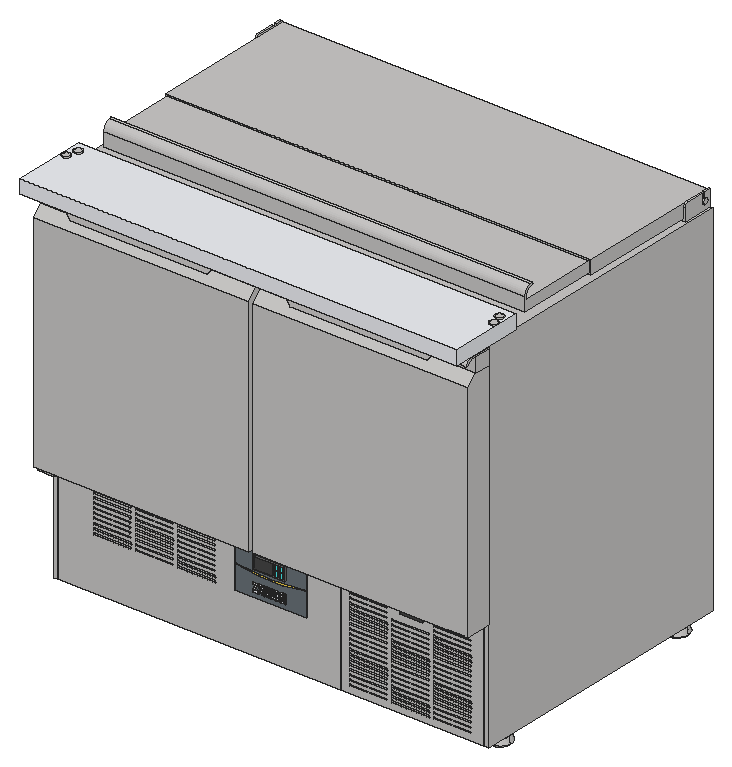
Revit family "QF_ZANUSSI_110891_ZSAL25L2C9", category Attrezzature speciali, Revit 2021
Family settings
  Quota connettore circolare = Usa diametro
  Tipo di parte = Normale
  Basato su piano di lavoro = No
  Sempre verticale = Sì
  Taglio con vuoti quando caricato = No
  Condiviso = No
  Punto di calcolo locali = No
Parameters (values of type "Standard")
  Weight = 64.00 kg
  Watts = 220 W
  Volts = 220 V
  URL Manufacturer = "http://www.zanussiprofessional.com"
  URL = "http://www.zanussiprofessional.com"
  Steam Supply Size = 0 mm
  Steam Supply Minimum Pressure = 0.0 Pa
  Steam Supply Maximum Pressure = 0.0 Pa
  Steam Consumption per Hour = 0
  Refrigeration Suction Line Size = 0 mm
  Refrigeration Liquid Line Size = 0 mm
  Refrigerant Compressor Remote = yes
  Prospetto di default = 0 mm
  Produttore = "Zanussi"
  Phase = 1
  Modello = "ZSAL25L2C9"
  Length Actual = 950 mm  # constant formula
  Item Number = "110891"
  Hot Water Size = 0 mm
  Height Actual = 863 mm  # constant formula
  HP = "0.3 HP"
  Gas Size = 0 mm
  Gas KW = 0
  Gas Input Pressure = 0 W
  Direct Waste Size = 0 mm
  Descrizione = "2-DOOR SALADETTE 250L+LID+CHOPPING BOARD R290"
  Depth Actual = 700 mm  # constant formula
  Cycle = 50 Hz
  Condensate Return Size = 0 mm
  Compressed Air Volume = 0.0 L/s
  Compressed Air Size = 0 mm
  Compressed Air Pressure = 0.0 Pa
  Cold Water Size = 0 mm
  Accessory = yes
Reference planes
  plane 1: z = 0
  plane 2 "Center (Left/Right)": x = -126.5
  plane 3 "Center (Front/Back)": y = 64.5
  plane 4 "BACK": y = 414.5
  plane 5 "FRONT": y = -285.5
  plane 6 "LEFT": x = -604
  plane 7 "RIGHT": x = 351
  plane 8 "FEET": z = 20
  plane 9 "TOP": z = 838
  plane 10 "PLAIN": z = 808
  plane 11 "EI_back": y = 414.5
  plane 12 "EI_left": x = 287.5
  plane 13 "BorderFront": y = -252.5
  plane 14 "DOOR": y = -197.5
  plane 15 "BorderLeft": x = -601.5
  plane 16 "BorderRight": x = 348.5
  plane 17: x = -576.5
  plane 18: x = 323.5
  plane 19: y = -701.5
  plane 20: z = 260
  plane 21 "FeetBack": y = 347.5
  plane 22 "FeetFront": y = -137.5
  plane 23 "FeetRight": x = 326.2
  plane 24 "FeetLeft": x = -579.2
  plane 25 "DrainX": x = -271.5
  plane 26 "DrainY": y = 91.5
  plane 27: z = 238
  plane 28: z = 1140
Forms (mm)
  Extrusion 1, solid, material "QF_Finishes_Stainless Steel"
    sketch origin (-1022.223, 359, -1763) x (-1, 0, 0) y (0, 0, -1)
      loop
        circle (-1309.723, -1883) r 5
    from -55.5 to -57.278
  Extrusion 2, solid, material "QF_Finishes_Stainless Steel"
    sketch origin (-1022.223, -1524, 20) x (-1, 0, 0) y (0, -1, 0)
      loop
        line (-420.723, -1938.5) -> (-420.723, -1326.5) -> (-1370.723, -1326.5) -> (-1370.723, -1938.5) -> (-420.723, -1938.5)
    from 0 to 788
  Extrusion 3, solid, material "QF_Finishes_White"
    sketch origin (0, 0, 808) x (-1, 0, 0) y (0, -1, 0)
      loop
        line (604, 125.5) -> (604, 285.5) -> (-351, 285.5) -> (-351, 125.5) -> (604, 125.5)
      loop
        circle (586.656, 148.884) r 8.77
      loop
        circle (593.656, 172.884) r 8.77
      loop
        circle (-333.656, 148.884) r 8.77
      loop
        circle (-340.656, 172.884) r 8.77
    from 0 to 30
  Extrusion 4, void
    sketch origin (0, 0, 0) x (1, 0, 0) y (0, 1, 0)
      loop
        line (-591.5, -197.5) -> (338.5, -197.5) -> (338.5, -195.5) -> (-591.5, -195.5) -> (-591.5, -197.5)
    from 20 to 260
  Extrusion 5, solid, material "QF_Finishes_Stainless Steel"
    sketch origin (0, 0, 0) x (1, 0, 0) y (0, 1, 0)
      loop
        line (-591.5, -195.5) -> (-591.5, -197.5) -> (26.373, -197.5) -> (26.373, -195.5) -> (-591.5, -195.5)
    from 20 to 260
  Extrusion 6, solid, material "QF_Finishes_Stainless Steel"
    sketch origin (0, 0, 0) x (1, 0, 0) y (0, 1, 0)
      loop
        line (26.373, -195.5) -> (26.373, -197.5) -> (338.5, -197.5) -> (338.5, -195.5) -> (26.373, -195.5)
    from 20 to 260
  Extrusion 7, void
    sketch origin (560, -285.5, 0) x (-1, 0, 0) y (0, 0, 1)
      loop
        line (514.036, 239.427) -> (431.036, 239.427) -> (431.036, 234.427) -> (514.036, 234.427) -> (514.036, 239.427)
      loop
        line (514.036, 229.427) -> (431.036, 229.427) -> (431.036, 224.427) -> (514.036, 224.427) -> (514.036, 229.427)
      loop
        line (514.036, 219.427) -> (431.036, 219.427) -> (431.036, 214.427) -> (514.036, 214.427) -> (514.036, 219.427)
      loop
        line (514.036, 209.427) -> (431.036, 209.427) -> (431.036, 204.427) -> (514.036, 204.427) -> (514.036, 209.427)
      loop
        line (514.036, 199.427) -> (431.036, 199.427) -> (431.036, 194.427) -> (514.036, 194.427) -> (514.036, 199.427)
      loop
        line (514.036, 189.427) -> (431.036, 189.427) -> (431.036, 184.427) -> (514.036, 184.427) -> (514.036, 189.427)
      loop
        line (514.036, 179.427) -> (431.036, 179.427) -> (431.036, 174.427) -> (514.036, 174.427) -> (514.036, 179.427)
      loop
        line (514.036, 169.427) -> (431.036, 169.427) -> (431.036, 164.427) -> (514.036, 164.427) -> (514.036, 169.427)
      loop
        line (514.036, 149.427) -> (431.036, 149.427) -> (431.036, 144.427) -> (514.036, 144.427) -> (514.036, 149.427)
      loop
        line (514.036, 139.427) -> (431.036, 139.427) -> (431.036, 134.427) -> (514.036, 134.427) -> (514.036, 139.427)
      loop
        line (422.036, 199.427) -> (339.036, 199.427) -> (339.036, 194.427) -> (422.036, 194.427) -> (422.036, 199.427)
      loop
        line (422.036, 189.427) -> (339.036, 189.427) -> (339.036, 184.427) -> (422.036, 184.427) -> (422.036, 189.427)
      loop
        line (422.036, 179.427) -> (339.036, 179.427) -> (339.036, 174.427) -> (422.036, 174.427) -> (422.036, 179.427)
      loop
        line (422.036, 149.427) -> (339.036, 149.427) -> (339.036, 144.427) -> (422.036, 144.427) -> (422.036, 149.427)
      loop
        line (422.036, 139.427) -> (339.036, 139.427) -> (339.036, 134.427) -> (422.036, 134.427) -> (422.036, 139.427)
      loop
        line (330.036, 239.427) -> (247.036, 239.427) -> (247.036, 234.427) -> (330.036, 234.427) -> (330.036, 239.427)
      loop
        line (330.036, 229.427) -> (247.036, 229.427) -> (247.036, 224.427) -> (330.036, 224.427) -> (330.036, 229.427)
      loop
        line (330.036, 219.427) -> (247.036, 219.427) -> (247.036, 214.427) -> (330.036, 214.427) -> (330.036, 219.427)
      loop
        line (330.036, 209.427) -> (247.036, 209.427) -> (247.036, 204.427) -> (330.036, 204.427) -> (330.036, 209.427)
      loop
        line (330.036, 199.427) -> (247.036, 199.427) -> (247.036, 194.427) -> (330.036, 194.427) -> (330.036, 199.427)
      loop
        line (330.036, 189.427) -> (247.036, 189.427) -> (247.036, 184.427) -> (330.036, 184.427) -> (330.036, 189.427)
      loop
        line (330.036, 179.427) -> (247.036, 179.427) -> (247.036, 174.427) -> (330.036, 174.427) -> (330.036, 179.427)
      loop
        line (330.036, 149.427) -> (247.036, 149.427) -> (247.036, 144.427) -> (330.036, 144.427) -> (330.036, 149.427)
      loop
        line (330.036, 139.427) -> (247.036, 139.427) -> (247.036, 134.427) -> (330.036, 134.427) -> (330.036, 139.427)
      loop
        line (422.036, 169.427) -> (339.036, 169.427) -> (339.036, 164.427) -> (422.036, 164.427) -> (422.036, 169.427)
      loop
        line (330.036, 169.427) -> (247.036, 169.427) -> (247.036, 164.427) -> (330.036, 164.427) -> (330.036, 169.427)
      loop
        line (514.036, 159.427) -> (431.036, 159.427) -> (431.036, 154.427) -> (514.036, 154.427) -> (514.036, 159.427)
      loop
        line (422.036, 159.427) -> (339.036, 159.427) -> (339.036, 154.427) -> (422.036, 154.427) -> (422.036, 159.427)
      loop
        line (330.036, 159.427) -> (247.036, 159.427) -> (247.036, 154.427) -> (330.036, 154.427) -> (330.036, 159.427)
      loop
        line (514.036, 129.427) -> (431.036, 129.427) -> (431.036, 124.427) -> (514.036, 124.427) -> (514.036, 129.427)
      loop
        line (514.036, 119.427) -> (431.036, 119.427) -> (431.036, 114.427) -> (514.036, 114.427) -> (514.036, 119.427)
      loop
        line (514.036, 109.427) -> (431.036, 109.427) -> (431.036, 104.427) -> (514.036, 104.427) -> (514.036, 109.427)
      loop
        line (514.036, 99.427) -> (431.036, 99.427) -> (431.036, 94.427) -> (514.036, 94.427) -> (514.036, 99.427)
      loop
        line (514.036, 79.427) -> (431.036, 79.427) -> (431.036, 74.427) -> (514.036, 74.427) -> (514.036, 79.427)
      loop
        line (514.036, 69.427) -> (431.036, 69.427) -> (431.036, 64.427) -> (514.036, 64.427) -> (514.036, 69.427)
      loop
        line (422.036, 129.427) -> (339.036, 129.427) -> (339.036, 124.427) -> (422.036, 124.427) -> (422.036, 129.427)
      loop
        line (422.036, 119.427) -> (339.036, 119.427) -> (339.036, 114.427) -> (422.036, 114.427) -> (422.036, 119.427)
      loop
        line (422.036, 109.427) -> (339.036, 109.427) -> (339.036, 104.427) -> (422.036, 104.427) -> (422.036, 109.427)
      loop
        line (422.036, 79.427) -> (339.036, 79.427) -> (339.036, 74.427) -> (422.036, 74.427) -> (422.036, 79.427)
      loop
        line (422.036, 69.427) -> (339.036, 69.427) -> (339.036, 64.427) -> (422.036, 64.427) -> (422.036, 69.427)
      loop
        line (330.036, 129.427) -> (247.036, 129.427) -> (247.036, 124.427) -> (330.036, 124.427) -> (330.036, 129.427)
      loop
        line (330.036, 119.427) -> (247.036, 119.427) -> (247.036, 114.427) -> (330.036, 114.427) -> (330.036, 119.427)
      loop
        line (330.036, 109.427) -> (247.036, 109.427) -> (247.036, 104.427) -> (330.036, 104.427) -> (330.036, 109.427)
      loop
        line (330.036, 79.427) -> (247.036, 79.427) -> (247.036, 74.427) -> (330.036, 74.427) -> (330.036, 79.427)
      loop
        line (330.036, 69.427) -> (247.036, 69.427) -> (247.036, 64.427) -> (330.036, 64.427) -> (330.036, 69.427)
      loop
        line (422.036, 99.427) -> (339.036, 99.427) -> (339.036, 94.427) -> (422.036, 94.427) -> (422.036, 99.427)
      loop
        line (330.036, 99.427) -> (247.036, 99.427) -> (247.036, 94.427) -> (330.036, 94.427) -> (330.036, 99.427)
      loop
        line (514.036, 89.427) -> (431.036, 89.427) -> (431.036, 84.427) -> (514.036, 84.427) -> (514.036, 89.427)
      loop
        line (422.036, 89.427) -> (339.036, 89.427) -> (339.036, 84.427) -> (422.036, 84.427) -> (422.036, 89.427)
      loop
        line (330.036, 89.427) -> (247.036, 89.427) -> (247.036, 84.427) -> (330.036, 84.427) -> (330.036, 89.427)
      loop
        line (514.036, 49.427) -> (431.036, 49.427) -> (431.036, 44.427) -> (514.036, 44.427) -> (514.036, 49.427)
      loop
        line (514.036, 39.427) -> (431.036, 39.427) -> (431.036, 34.427) -> (514.036, 34.427) -> (514.036, 39.427)
      loop
        line (422.036, 49.427) -> (339.036, 49.427) -> (339.036, 44.427) -> (422.036, 44.427) -> (422.036, 49.427)
      loop
        line (422.036, 39.427) -> (339.036, 39.427) -> (339.036, 34.427) -> (422.036, 34.427) -> (422.036, 39.427)
      loop
        line (330.036, 49.427) -> (247.036, 49.427) -> (247.036, 44.427) -> (330.036, 44.427) -> (330.036, 49.427)
      loop
        line (330.036, 39.427) -> (247.036, 39.427) -> (247.036, 34.427) -> (330.036, 34.427) -> (330.036, 39.427)
      loop
        line (514.036, 59.427) -> (431.036, 59.427) -> (431.036, 54.427) -> (514.036, 54.427) -> (514.036, 59.427)
      loop
        line (422.036, 59.427) -> (339.036, 59.427) -> (339.036, 54.427) -> (422.036, 54.427) -> (422.036, 59.427)
      loop
        line (330.036, 59.427) -> (247.036, 59.427) -> (247.036, 54.427) -> (330.036, 54.427) -> (330.036, 59.427)
      loop
        line (405.536, 239.427) -> (355.536, 239.427) -> (355.536, 214.427) -> (405.536, 214.427) -> (405.536, 239.427)
    from 88 to 90
  Extrusion 8, solid, material "QF_Finishes_Black"
    sketch origin (0, -285.5, 0) x (-1, 0, 0) y (0, 0, 1)
      loop
        line (-154.464, 239.427) -> (-204.464, 239.427) -> (-204.464, 214.427) -> (-154.464, 214.427) -> (-154.464, 239.427)
    from 88 to 90
  Extrusion 9, solid, material "QF_Finishes_Stainless Steel"
    sketch origin (-1022.223, -1524, 20) x (-1, 0, 0) y (0, -1, 0)
      loop
        circle (-750.723, -1615.5) r 6.35
    from 199.427 to 218
  Extrusion 10, solid, material "QF_Finishes_Stainless Steel"
    sketch origin (-126.5, 0, 0) x (0, 1, 0) y (0, 0, 1)
      loop
        line (-78.684, 816.252) -> (96.316, 816.252) -> (96.316, 838) -> (-75.684, 838) -> (-75.684, 844.369)
        arc (-75.684, 844.369) -> (-72.171, 854.718) -> (-63.084, 860.79) r 17
        line (-63.084, 860.79) -> (-58.287, 862.076) -> (-59.064, 864.973) -> (-63.861, 863.688)
        arc (-63.861, 863.688) -> (-74.551, 856.545) -> (-78.684, 844.369) r 20
        line (-78.684, 844.369) -> (-78.684, 816.252)
    from -460 to 460
  Extrusion 11, solid, material "QF_Finishes_Stainless Steel"
    sketch origin (0, 0, 808) x (-1, 0, 0) y (0, -1, 0)
      loop
        circle (586.656, 148.884) r 8.77
      loop
        circle (593.656, 172.884) r 8.77
      loop
        circle (-333.656, 148.884) r 8.77
      loop
        circle (-340.656, 172.884) r 8.77
    from 0 to 31
  Extrusion 12, solid, material "QF_Finishes_Stainless Steel"
    sketch origin (0, 414.5, 0) x (-1, 0, 0) y (0, 0, 1)
      loop
        line (-334.5, 815.252) -> (586.5, 815.252) -> (586.5, 839) -> (-334.5, 839) -> (-334.5, 815.252)
      loop
        line (590.5, 842) -> (-337.5, 842) -> (-337.5, 812.252) -> (590.5, 812.252) -> (590.5, 842)
    from 0 to -318.184
  Extrusion 13, void
    sketch origin (0, -285.5, 0) x (-1, 0, 0) y (0, 0, 1)
      loop
        line (514.036, 239.427) -> (431.036, 239.427) -> (431.036, 234.427) -> (514.036, 234.427) -> (514.036, 239.427)
      loop
        line (514.036, 229.427) -> (431.036, 229.427) -> (431.036, 224.427) -> (514.036, 224.427) -> (514.036, 229.427)
      loop
        line (514.036, 219.427) -> (431.036, 219.427) -> (431.036, 214.427) -> (514.036, 214.427) -> (514.036, 219.427)
      loop
        line (514.036, 209.427) -> (431.036, 209.427) -> (431.036, 204.427) -> (514.036, 204.427) -> (514.036, 209.427)
      loop
        line (514.036, 199.427) -> (431.036, 199.427) -> (431.036, 194.427) -> (514.036, 194.427) -> (514.036, 199.427)
      loop
        line (514.036, 189.427) -> (431.036, 189.427) -> (431.036, 184.427) -> (514.036, 184.427) -> (514.036, 189.427)
      loop
        line (514.036, 179.427) -> (431.036, 179.427) -> (431.036, 174.427) -> (514.036, 174.427) -> (514.036, 179.427)
      loop
        line (514.036, 169.427) -> (431.036, 169.427) -> (431.036, 164.427) -> (514.036, 164.427) -> (514.036, 169.427)
      loop
        line (514.036, 149.427) -> (431.036, 149.427) -> (431.036, 144.427) -> (514.036, 144.427) -> (514.036, 149.427)
      loop
        line (514.036, 139.427) -> (431.036, 139.427) -> (431.036, 134.427) -> (514.036, 134.427) -> (514.036, 139.427)
      loop
        line (422.036, 199.427) -> (339.036, 199.427) -> (339.036, 194.427) -> (422.036, 194.427) -> (422.036, 199.427)
      loop
        line (422.036, 189.427) -> (339.036, 189.427) -> (339.036, 184.427) -> (422.036, 184.427) -> (422.036, 189.427)
      loop
        line (422.036, 179.427) -> (339.036, 179.427) -> (339.036, 174.427) -> (422.036, 174.427) -> (422.036, 179.427)
      loop
        line (422.036, 149.427) -> (339.036, 149.427) -> (339.036, 144.427) -> (422.036, 144.427) -> (422.036, 149.427)
      loop
        line (422.036, 139.427) -> (339.036, 139.427) -> (339.036, 134.427) -> (422.036, 134.427) -> (422.036, 139.427)
      loop
        line (330.036, 239.427) -> (247.036, 239.427) -> (247.036, 234.427) -> (330.036, 234.427) -> (330.036, 239.427)
      loop
        line (330.036, 229.427) -> (247.036, 229.427) -> (247.036, 224.427) -> (330.036, 224.427) -> (330.036, 229.427)
      loop
        line (330.036, 219.427) -> (247.036, 219.427) -> (247.036, 214.427) -> (330.036, 214.427) -> (330.036, 219.427)
      loop
        line (330.036, 209.427) -> (247.036, 209.427) -> (247.036, 204.427) -> (330.036, 204.427) -> (330.036, 209.427)
      loop
        line (330.036, 199.427) -> (247.036, 199.427) -> (247.036, 194.427) -> (330.036, 194.427) -> (330.036, 199.427)
      loop
        line (330.036, 189.427) -> (247.036, 189.427) -> (247.036, 184.427) -> (330.036, 184.427) -> (330.036, 189.427)
      loop
        line (330.036, 179.427) -> (247.036, 179.427) -> (247.036, 174.427) -> (330.036, 174.427) -> (330.036, 179.427)
      loop
        line (330.036, 149.427) -> (247.036, 149.427) -> (247.036, 144.427) -> (330.036, 144.427) -> (330.036, 149.427)
      loop
        line (330.036, 139.427) -> (247.036, 139.427) -> (247.036, 134.427) -> (330.036, 134.427) -> (330.036, 139.427)
      loop
        line (422.036, 169.427) -> (339.036, 169.427) -> (339.036, 164.427) -> (422.036, 164.427) -> (422.036, 169.427)
      loop
        line (330.036, 169.427) -> (247.036, 169.427) -> (247.036, 164.427) -> (330.036, 164.427) -> (330.036, 169.427)
      loop
        line (514.036, 159.427) -> (431.036, 159.427) -> (431.036, 154.427) -> (514.036, 154.427) -> (514.036, 159.427)
      loop
        line (422.036, 159.427) -> (339.036, 159.427) -> (339.036, 154.427) -> (422.036, 154.427) -> (422.036, 159.427)
      loop
        line (330.036, 159.427) -> (247.036, 159.427) -> (247.036, 154.427) -> (330.036, 154.427) -> (330.036, 159.427)
      loop
        line (422.036, 239.427) -> (339.036, 239.427) -> (339.036, 234.427) -> (422.036, 234.427) -> (422.036, 239.427)
      loop
        line (422.036, 229.427) -> (339.036, 229.427) -> (339.036, 224.427) -> (422.036, 224.427) -> (422.036, 229.427)
      loop
        line (422.036, 219.427) -> (339.036, 219.427) -> (339.036, 214.427) -> (422.036, 214.427) -> (422.036, 219.427)
      loop
        line (422.036, 209.427) -> (339.036, 209.427) -> (339.036, 204.427) -> (422.036, 204.427) -> (422.036, 209.427)
      loop
        line (204.5, 134.427) -> (204.5, 239.427) -> (48.5, 239.427) -> (48.5, 134.427) -> (204.5, 134.427)
    from 88 to 90
  Extrusion 14, solid, material "QF_Finishes_Stainless Steel"
    sketch origin (0, 414.5, 0) x (-1, 0, 0) y (0, 0, 1)
      loop
        line (-343.5, 808) -> (596.5, 808) -> (596.5, 844.142) -> (592.5, 844.142) -> (592.5, 812) -> (-339.5, 812) -> (-339.5, 844.142) -> (-343.5, 844.142) -> (-343.5, 808)
    from 0 to -67
  Extrusion 15, void
    sketch origin (-604, 0, 0) x (0, 1, 0) y (0, 0, 1)
      loop
        line (355.917, 844.142) -> (347.5, 844.142) -> (347.5, 835.725)
        arc (347.5, 835.725) -> (349.965, 841.676) -> (355.917, 844.142) r 8.417
      loop
        line (400.565, 844.142) -> (392.565, 844.142) -> (392.565, 824.142) -> (400.565, 824.142) -> (400.565, 844.142)
    from 7.5 to 11.5
  Extrusion 16, void
    sketch origin (351, 0, 0) x (0, 1, 0) y (0, 0, 1)
      loop
        line (355.917, 844.142) -> (347.5, 844.142) -> (347.5, 835.725)
        arc (347.5, 835.725) -> (349.965, 841.676) -> (355.917, 844.142) r 8.417
      loop
        line (400.565, 844.142) -> (392.565, 844.142) -> (392.565, 824.142) -> (400.565, 824.142) -> (400.565, 844.142)
    from -7.5 to -11.5
  Extrusion 17, void
    sketch origin (-126.5, 0, 0) x (0, 1, 0) y (0, 0, 1)
      loop
        circle (396.565, 829.168) r 3.513
    from 464 to -464
  Extrusion 18, solid, material "QF_Finishes_Stainless Steel"
    sketch origin (-604, 0, 0) x (0, 1, 0) y (0, 0, 1)
      loop
        line (390.189, 829.168) -> (393.377, 823.646) -> (399.753, 823.646) -> (402.942, 829.168) -> (399.753, 834.69) -> (393.377, 834.69) -> (390.189, 829.168)
    from 7.5 to 2.5
  Extrusion 19, solid, material "QF_Finishes_Stainless Steel"
    sketch origin (-126.5, 0, 0) x (0, 1, 0) y (0, 0, 1)
      loop
        circle (396.565, 829.168) r 3.513
    from 470 to -470
  Extrusion 20, solid, material "QF_Finishes_Stainless Steel"
    sketch origin (351, 0, 0) x (0, 1, 0) y (0, 0, 1)
      loop
        line (390.189, 829.168) -> (393.377, 823.646) -> (399.753, 823.646) -> (402.942, 829.168) -> (399.753, 834.69) -> (393.377, 834.69) -> (390.189, 829.168)
    from -7.5 to -2.5
  Extrusion 21, solid, material "QF_Door-Drawer Clearances", detail levels coarse
    sketch origin (-126.5, 0, 0) x (0, 1, 0) y (0, 0, 1)
      loop
        line (414.5, 844.142) -> (414.5, 1140) -> (384.5, 1140) -> (384.5, 844.142) -> (414.5, 844.142)
    from 460 to -460
  Extrusion 22, solid, material "QF_Door-Drawer Clearances", detail levels coarse
    sketch origin (-126.5, 0, 0) x (0, 1, 0) y (0, 0, 1)
      loop
        line (384.5, 844.142) -> (384.5, 1140)
        arc (384.5, 1140) -> (175.297, 1053.345) -> (88.642, 844.142) r 295.858
        line (88.642, 844.142) -> (384.5, 844.142)
    from 460 to -460
Cuts and joins
  Extrusion 4, Extrusion 7, Extrusion 13 cuts Extrusion 2
  Extrusion 7, Extrusion 13 cuts Extrusion 5
  Extrusion 7, Extrusion 13 cuts Extrusion 6
  Extrusion 13 cuts Extrusion 8
  Extrusion 15, Extrusion 17 cuts Extrusion 12
  Extrusion 15, Extrusion 16 cuts Extrusion 14
Lines and regions (mm)
  symbolic lines, style "SpecialityEquipment"
    curve 1: line (-604, 414.5, 808) -> (351, 414.5, 808)
    curve 2: line (-604, -285.5, 808) -> (-604, 414.5, 808)
    curve 3: line (351, -285.5, 808) -> (-604, -285.5, 808)
    curve 4: line (351, 414.5, 808) -> (351, -285.5, 808)
  symbolic lines, style "SpecialityEquipmentHiddenLines"
    curve 5: line (-604, -197.5, 808) -> (351, -197.5, 808)
  symbolic lines
    curve 6: line (-586.5, -78.684, 808) -> (333.5, -78.684, 808)
    curve 7: line (333.5, -78.684, 808) -> (333.5, 96.316, 808)
    curve 8: line (337.5, 96.316, 808) -> (-590.5, 96.316, 808)
    curve 9: line (-590.5, 96.316, 808) -> (-590.5, 414.5, 808)
    curve 10: line (-586.5, -78.684, 808) -> (-586.5, 96.316, 808)
    curve 11: line (337.5, 96.316, 808) -> (337.5, 414.5, 808)
    curve 12: line (343.5, 347.5, 808) -> (343.5, 393.052, 808)
    curve 13: line (343.5, 393.052, 808) -> (337.5, 393.052, 808)
    curve 14: line (343.5, 400.078, 808) -> (337.5, 400.078, 808)
    curve 15: line (339.5, 393.052, 808) -> (339.5, 347.5, 808)
    curve 16: line (339.5, 347.5, 808) -> (343.5, 347.5, 808)
    curve 17: line (343.5, 400.078, 808) -> (343.5, 414.5, 808)
    curve 18: line (339.5, 400.078, 808) -> (339.5, 414.5, 808)
    curve 19: line (-596.5, 347.5, 808) -> (-596.5, 393.052, 808)
    curve 20: line (-596.5, 393.052, 808) -> (-590.5, 393.052, 808)
    curve 21: line (-596.5, 400.078, 808) -> (-590.5, 400.078, 808)
    curve 22: line (-592.5, 393.052, 808) -> (-592.5, 347.5, 808)
    curve 23: line (-592.5, 347.5, 808) -> (-596.5, 347.5, 808)
    curve 24: line (-596.5, 400.078, 808) -> (-596.5, 414.5, 808)
    curve 25: line (-592.5, 400.078, 808) -> (-592.5, 414.5, 808)
    curve 26: line (343.5, 402.942, 808) -> (348.5, 402.942, 808)
    curve 27: line (348.5, 402.942, 808) -> (348.5, 390.189, 808)
    curve 28: line (348.5, 390.189, 808) -> (343.5, 390.189, 808)
    curve 29: line (343.5, 400.078, 808) -> (343.5, 393.052, 808)
    curve 30: line (-596.5, 402.942, 808) -> (-601.5, 402.942, 808)
    curve 31: line (-601.5, 402.942, 808) -> (-601.5, 390.189, 808)
    curve 32: line (-601.5, 390.189, 808) -> (-596.5, 390.189, 808)
    curve 33: line (-596.5, 400.078, 808) -> (-596.5, 393.052, 808)
    curve 34: line (-586.5, -59.064, 808) -> (333.5, -59.064, 808)
Dimensions and locks
  equal spacing: plane 6 "LEFT", plane 2 "Center (Left/Right)", plane 7 "RIGHT"
  plane 8 "FEET" to level = 20 mm  (x2)
  plane 13 "BorderFront" to plane 5 "FRONT" = 33 mm
  plane 14 "DOOR" to plane 13 "BorderFront" = 55 mm
  plane 6 "LEFT" to plane 15 "BorderLeft" = 2.5 mm
  plane 16 "BorderRight" to plane 7 "RIGHT" = 2.5 mm
  plane 10 "PLAIN" to plane 8 "FEET" = 788 mm  (x2)
  plane 18 to plane 16 "BorderRight" = 25 mm
  plane 6 "LEFT" to plane 7 "RIGHT" = 955 mm
  plane 4 "BACK" to plane 5 "FRONT" = 700 mm
  equal spacing: plane 4 "BACK", plane 3 "Center (Front/Back)", plane 5 "FRONT"
  plane 20 to plane 8 "FEET" = 240 mm
  plane 22 "FeetFront" to plane 14 "DOOR" = 60 mm
  plane 23 "FeetRight" to plane 16 "BorderRight" = 22.3 mm
  plane 12 "EI_left" to plane 16 "BorderRight" = 61 mm
  plane 15 "BorderLeft" to plane 25 "DrainX" = 330 mm
  plane 27 to plane 8 "FEET" = 218 mm
  plane 28 to plane 10 "PLAIN" = 332 mm  (x2)
  plane 9 "TOP" to plane 10 "PLAIN" = 30 mm
  plane 11 "EI_back" to plane 19 = 1116 mm
  plane 11 "EI_back" to plane 26 "DrainY" = 323 mm
  aligned and locked: level to plane 1
Automatic sketch dimensions
  Extrusion 1 sketch curve to plane 12 "EI_left" = 0 mm
  plane 8 "FEET" to Extrusion 1 sketch curve = 100 mm
  Extrusion 2 sketch curve to plane 4 "BACK" = 0 mm
  Extrusion 2 sketch curve to plane 16 "BorderRight" = 0 mm
  Extrusion 2 sketch curve to plane 14 "DOOR" = 0 mm
  Extrusion 2 sketch curve to plane 15 "BorderLeft" = 0 mm
  Extrusion 3 sketch curve to plane 7 "RIGHT" = 0 mm
  Extrusion 3 sketch curve to plane 5 "FRONT" = 0 mm
  Extrusion 3 sketch curve to plane 6 "LEFT" = 0 mm
  Extrusion 3 sketch curve to plane 16 "BorderRight" = 7.844 mm
  plane 23 "FeetRight" to Extrusion 3 sketch curve = 7.456 mm
  plane 24 "FeetLeft" to Extrusion 3 sketch curve = 7.456 mm
  plane 15 "BorderLeft" to Extrusion 3 sketch curve = 7.844 mm
  plane 14 "DOOR" to Extrusion 3 sketch curve = 24.616 mm  (x2)
  Extrusion 3 sketch curve to plane 22 "FeetFront" = 11.384 mm  (x2)
  plane 22 "FeetFront" to Extrusion 3 sketch curve = 12 mm
  Extrusion 4 sketch curve to plane 14 "DOOR" = 0 mm
  plane 15 "BorderLeft" to Extrusion 4 sketch curve = 10 mm
  plane 14 "DOOR" to Extrusion 4 sketch curve = 2 mm
  Extrusion 4 sketch curve to plane 16 "BorderRight" = 10 mm
  Extrusion 5 sketch curve to plane 14 "DOOR" = 0 mm
  plane 15 "BorderLeft" to Extrusion 5 sketch curve = 10 mm
  plane 2 "Center (Left/Right)" to Extrusion 5 sketch curve = 152.873 mm
  plane 14 "DOOR" to Extrusion 5 sketch curve = 2 mm
  Extrusion 6 sketch curve to plane 14 "DOOR" = 0 mm
  plane 2 "Center (Left/Right)" to Extrusion 6 sketch curve = 152.873 mm
  Extrusion 6 sketch curve to plane 16 "BorderRight" = 10 mm
  plane 14 "DOOR" to Extrusion 6 sketch curve = 2 mm
  Extrusion 7 sketch curve to plane 18 = 10.536 mm  (x6)
  Extrusion 7 sketch curve to Extrusion 7 sketch curve = 0 mm  (x94)
  Extrusion 7 sketch curve to plane 12 "EI_left" = 57.536 mm  (x2)
  plane 27 to Extrusion 7 sketch curve = 1.427 mm  (x3)
  Extrusion 7 sketch curve to Extrusion 7 sketch curve = 9 mm  (x12)
  Extrusion 7 sketch curve to Extrusion 7 sketch curve = 16.5 mm  (x2)
  Extrusion 7 sketch curve to Extrusion 7 sketch curve = 50 mm
  Extrusion 7 sketch curve to Extrusion 7 sketch curve = 83 mm  (x3)
  plane 8 "FEET" to Extrusion 7 sketch curve = 29.427 mm  (x2)
  Extrusion 7 sketch curve to Extrusion 7 sketch curve = 5 mm  (x112)
  Extrusion 7 sketch curve to Extrusion 7 sketch curve = 15 mm
  Extrusion 7 sketch curve to plane 27 = 3.573 mm  (x2)
  plane 27 to Extrusion 8 sketch curve = 1.427 mm
  Extrusion 8 sketch curve to plane 12 "EI_left" = 83.036 mm
  Extrusion 8 sketch curve to plane 27 = 23.573 mm
  Extrusion 8 sketch curve to Extrusion 8 sketch curve = 50 mm
  Extrusion 9 sketch curve to plane 25 "DrainX" = 0 mm
  Extrusion 9 sketch curve to plane 26 "DrainY" = 0 mm
  Extrusion 10 sketch curve to Extrusion 10 sketch curve = 0 mm  (x2)
  Extrusion 10 sketch curve to plane 9 "TOP" = 0 mm
  plane 10 "PLAIN" to Extrusion 10 sketch curve = 8.252 mm
  plane 22 "FeetFront" to Extrusion 10 sketch curve = 58.816 mm
  Extrusion 10 sketch curve to Extrusion 10 sketch curve = 3 mm
  plane 9 "TOP" to Extrusion 10 sketch curve = 25.688 mm
  Extrusion 10 sketch curve to Extrusion 10 sketch curve = 11.824 mm
  plane 9 "TOP" to Extrusion 10 sketch curve = 22.79 mm
  plane 9 "TOP" to Extrusion 10 sketch curve = 26.973 mm
  Extrusion 10 sketch curve to Extrusion 10 sketch curve = 4.797 mm
  plane 9 "TOP" to Extrusion 10 sketch curve = 6.369 mm
  plane 26 "DrainY" to Extrusion 10 sketch curve = 4.816 mm
  Extrusion 11 sketch curve to plane 16 "BorderRight" = 7.844 mm
  plane 23 "FeetRight" to Extrusion 11 sketch curve = 7.456 mm
  plane 24 "FeetLeft" to Extrusion 11 sketch curve = 7.456 mm
  plane 15 "BorderLeft" to Extrusion 11 sketch curve = 7.844 mm
  Extrusion 11 sketch curve to plane 22 "FeetFront" = 11.384 mm  (x2)
  plane 14 "DOOR" to Extrusion 11 sketch curve = 24.616 mm  (x2)
  plane 9 "TOP" to Extrusion 12 sketch curve = 4 mm
  Extrusion 12 sketch curve to plane 16 "BorderRight" = 11 mm
  plane 9 "TOP" to Extrusion 12 sketch curve = 1 mm
  Extrusion 12 sketch curve to Extrusion 12 sketch curve = 3 mm  (x2)
  plane 24 "FeetLeft" to Extrusion 12 sketch curve = 7.3 mm
  Extrusion 12 sketch curve to Extrusion 12 sketch curve = 4 mm
  plane 10 "PLAIN" to Extrusion 12 sketch curve = 7.252 mm
  plane 2 "Center (Left/Right)" to Extrusion 13 sketch curve = 78 mm
  plane 27 to Extrusion 13 sketch curve = 1.427 mm  (x4)
  plane 25 "DrainX" to Extrusion 13 sketch curve = 67 mm
  plane 25 "DrainX" to Extrusion 13 sketch curve = 24.464 mm  (x2)
  Extrusion 13 sketch curve to Extrusion 13 sketch curve = 0 mm  (x56)
  Extrusion 13 sketch curve to plane 25 "DrainX" = 58.536 mm
  Extrusion 13 sketch curve to Extrusion 13 sketch curve = 9 mm  (x6)
  Extrusion 13 sketch curve to Extrusion 13 sketch curve = 83 mm
  Extrusion 13 sketch curve to plane 27 = 3.573 mm  (x3)
  Extrusion 13 sketch curve to plane 27 = 13.573 mm  (x2)
  plane 17 to Extrusion 13 sketch curve = 62.464 mm  (x2)
  Extrusion 13 sketch curve to Extrusion 13 sketch curve = 5 mm  (x57)
  Extrusion 14 sketch curve to plane 10 "PLAIN" = 0 mm
  Extrusion 14 sketch curve to plane 16 "BorderRight" = 5 mm
  Extrusion 14 sketch curve to Extrusion 14 sketch curve = 4 mm
  plane 15 "BorderLeft" to Extrusion 14 sketch curve = 9 mm
  plane 15 "BorderLeft" to Extrusion 14 sketch curve = 5 mm
  plane 10 "PLAIN" to Extrusion 14 sketch curve = 4 mm
  plane 9 "TOP" to Extrusion 14 sketch curve = 6.142 mm  (x2)
  Extrusion 15 sketch curve to plane 21 "FeetBack" = 0 mm  (x2)
  Extrusion 15 sketch curve to plane 9 "TOP" = 2.275 mm
  plane 21 "FeetBack" to Extrusion 15 sketch curve = 8.417 mm
  plane 9 "TOP" to Extrusion 15 sketch curve = 6.142 mm  (x2)
  Extrusion 15 sketch curve to plane 4 "BACK" = 21.935 mm
  Extrusion 15 sketch curve to Extrusion 15 sketch curve = 8 mm
  Extrusion 15 sketch curve to plane 9 "TOP" = 13.858 mm
  Extrusion 15 sketch curve to Extrusion 15 sketch curve = 0 mm  (x2)
  Extrusion 16 sketch curve to plane 21 "FeetBack" = 0 mm  (x2)
  Extrusion 16 sketch curve to plane 9 "TOP" = 2.275 mm
  Extrusion 16 sketch curve to Extrusion 16 sketch curve = 8.417 mm
  Extrusion 16 sketch curve to plane 4 "BACK" = 21.935 mm
  Extrusion 16 sketch curve to Extrusion 16 sketch curve = 8 mm
  Extrusion 16 sketch curve to plane 9 "TOP" = 13.858 mm
  plane 9 "TOP" to Extrusion 16 sketch curve = 6.142 mm  (x2)
  Extrusion 16 sketch curve to Extrusion 16 sketch curve = 0 mm  (x2)
  Extrusion 17 sketch curve to plane 9 "TOP" = 8.832 mm
  Extrusion 17 sketch curve to plane 4 "BACK" = 17.935 mm
  Extrusion 18 sketch curve to plane 9 "TOP" = 8.832 mm
  Extrusion 18 sketch curve to plane 4 "BACK" = 24.311 mm
  Extrusion 18 sketch curve to Extrusion 18 sketch curve = 3.188 mm  (x3)
  Extrusion 18 sketch curve to plane 9 "TOP" = 3.31 mm
  Extrusion 18 sketch curve to Extrusion 18 sketch curve = 6.376 mm  (x2)
  Extrusion 18 sketch curve to Extrusion 18 sketch curve = 5.522 mm  (x2)
  Extrusion 19 sketch curve to plane 9 "TOP" = 8.832 mm
  Extrusion 19 sketch curve to plane 4 "BACK" = 17.935 mm
  Extrusion 20 sketch curve to plane 9 "TOP" = 8.832 mm
  Extrusion 20 sketch curve to plane 4 "BACK" = 24.311 mm
  Extrusion 20 sketch curve to Extrusion 20 sketch curve = 3.188 mm  (x3)
  Extrusion 20 sketch curve to plane 9 "TOP" = 3.31 mm
  Extrusion 20 sketch curve to Extrusion 20 sketch curve = 6.376 mm  (x2)
  Extrusion 20 sketch curve to Extrusion 20 sketch curve = 5.522 mm  (x2)
  Extrusion 21 sketch curve to plane 28 = 0 mm
  Extrusion 21 sketch curve to plane 4 "BACK" = 0 mm
  Extrusion 21 sketch curve to plane 4 "BACK" = 30 mm
  plane 9 "TOP" to Extrusion 21 sketch curve = 6.142 mm
  Extrusion 22 sketch curve to plane 28 = 0 mm
  plane 9 "TOP" to Extrusion 22 sketch curve = 6.142 mm
  Extrusion 22 sketch curve to plane 4 "BACK" = 30 mm
  curve 4 to plane 4 "BACK" = 0 mm
  curve 4 to plane 7 "RIGHT" = 0 mm
  curve 26 to plane 16 "BorderRight" = 0 mm
  curve 16 to plane 21 "FeetBack" = 0 mm
  curve 22 to plane 21 "FeetBack" = 0 mm
  curve 32 to plane 15 "BorderLeft" = 0 mm
  curve 5 to plane 6 "LEFT" = 0 mm
  curve 5 to plane 14 "DOOR" = 0 mm
  curve 4 to plane 5 "FRONT" = 0 mm
  curve 29 to plane 16 "BorderRight" = 5 mm
  curve 12 to curve 16 = 4 mm
  plane 26 "DrainY" to curve 8 = 4.816 mm
  curve 8 to plane 16 "BorderRight" = 11 mm
  plane 23 "FeetRight" to curve 7 = 7.3 mm
  plane 24 "FeetLeft" to curve 6 = 7.3 mm
  curve 10 to curve 9 = 4 mm
  plane 15 "BorderLeft" to curve 22 = 9 mm
  plane 15 "BorderLeft" to curve 24 = 5 mm
  curve 27 to plane 4 "BACK" = 11.558 mm
  curve 31 to plane 4 "BACK" = 11.558 mm
  curve 30 to curve 33 = 2.863 mm
  curve 26 to curve 29 = 2.863 mm
  curve 14 to curve 12 = 7.027 mm
  curve 21 to curve 33 = 7.027 mm
  curve 33 to curve 31 = 2.863 mm
  curve 12 to curve 28 = 2.863 mm
  plane 22 "FeetFront" to curve 10 = 58.816 mm
  curve 18 to curve 11 = 2 mm
  curve 9 to curve 25 = 2 mm
  curve 34 to curve 6 = 19.621 mm
  radius of Extrusion 1 sketch curve = 5 mm
  radius of Extrusion 3 sketch curve = 8.77 mm  (x4)
  radius of Extrusion 9 sketch curve = 6.35 mm
  radius of Extrusion 11 sketch curve = 8.77 mm  (x4)
  radius of Extrusion 17 sketch curve = 3.513 mm
  radius of Extrusion 19 sketch curve = 3.513 mm
Nested families
  nested 1: "HORIZREF_SD_L" at (-366.5, -197.5, 531.5) x (1, 0, 0) z (0, -1, 0), type "HORIZREF_SD_L"
    with Show Clearance yes
  nested 2: "HORIZREF_SD_R" at (113.5, -197.5, 531.5) x (1, 0, 0) z (0, -1, 0), type "HORIZREF_SD_R"
    with Show Clearance yes
  nested 3: "HORIZREF_ZAN_DISPLAY" at (-126.5, -195.5, 184.427) x (1, 0, 0) z (0, -1, 0), type "HORIZREF_ZAN_DISPLAY"
    with Show Logo yes
  nested 4: "HORIZREF_FEET20" at (326.2, -137.5, 0), type "HORIZREF_FEET20"
  nested 5: "HORIZREF_FEET20" at (326.2, 347.5, 0), type "HORIZREF_FEET20"
  nested 6: "HORIZREF_FEET20" at (-579.2, -137.5, 0), type "HORIZREF_FEET20"
  nested 7: "HORIZREF_FEET20" at (-579.2, 347.5, 0), type "HORIZREF_FEET20"
  nested 8: "Refrigerator" at (351, -285.5, 808), type "Refrigerator"
Connectors
  electrical at (287.5, 416.278, 120), driven by "Volts"
    settings: on Extrusion 1, index 1, voltage 220 V, apparent load 0 VA, apparent load phase1 0 VA, apparent load phase2 0 VA, apparent load phase3 0 VA, power factor 1, load classification "Other", number of poles 1, system type 31, power factor state 1, is connector primary yes, connector utility no, sub classification motor no, connector description "Electrical Connection"
  piping at (-271.5, 91.5, 219.427), diameter 12.7
    settings: on Extrusion 9, index 2, connector inside diameter 609.6 mm, connector length 0 mm, flow factor 0, pipe flow 0.0 L/s, pressure drop 0.0 Pa, fitting loss kfactor 0, connector angle 0.00°, fixture units 0, engagement length 0 mm, angle of deflection 0.00°, flow configuration 0, flow direction 2, fitting loss method 0, system type 16, joint type 0, gender type 0, connector reference index -1, connector utility 0, adjustable connector no, is connector primary yes, connector description "Drain"
Definition of nested family "HORIZREF_SD_L"
  Parameters
    Show Clearance [instance] = yes
    Default Elevation = 1219.2 mm
  Reference planes
    plane 1 "Centro (Fronte/Retro)": y = 0
    plane 2: z = 0
    plane 3 "Centro (Sinistra/Destra)": x = 0
    plane 4 "Left": x = -235
    plane 5 "Right": x = 235
    plane 6: y = -271.5
    plane 7: y = 271.5
  Forms (mm)
    Extrusion 1, solid
      sketch origin (0, 0, 0) x (1, 0, 0) y (0, 1, 0)
        loop
          line (-1219.2, 1219.2) -> (-1219.2, -1219.2) -> (1219.2, -1219.2) -> (1219.2, 1219.2) -> (-1219.2, 1219.2)
      from 0 to -304.8
    Extrusion 2, solid
      sketch origin (0, -42.5, -3) x (0, 1, 0) y (0, 0, 1)
        loop
          line (-229, 58) -> (-229, 3) -> (279.183, 3) -> (279.183, 37.596) -> (258.779, 58) -> (-229, 58)
      from -235 to 235
    Extrusion 3, solid
      sketch origin (0, -42.5, 0) x (0, 1, 0) y (0, 0, 1)
        loop
          line (314, 0) -> (314, 44.493)
          arc (314, 44.493) -> (310.059, 54.627) -> (300.307, 59.436) r 15
          line (300.307, 59.436) -> (285.612, 60.721) -> (285.351, 57.733) -> (300.046, 56.447)
          arc (300.046, 56.447) -> (307.847, 52.6) -> (311, 44.493) r 12
          line (311, 44.493) -> (311, 0) -> (314, 0)
      from -235 to 235
    Extrusion 4, void
      sketch origin (0, -42.5, 0) x (1, 0, 0) y (0, 1, 0)
        loop
          line (-235, 285.351) -> (-147.017, 285.351)
          arc (-147.017, 285.351) -> (-148.802, 285.771) -> (-150.212, 286.944) r 4
          line (-150.212, 286.944) -> (-160.798, 300.992)
          arc (-160.798, 300.992) -> (-162.208, 302.165) -> (-163.992, 302.585) r 4
          line (-163.992, 302.585) -> (-235, 302.585) -> (-235, 285.351)
        loop
          line (235, 285.351) -> (235, 302.585) -> (163.992, 302.585)
          arc (163.992, 302.585) -> (162.208, 302.165) -> (160.798, 300.992) r 4
          line (160.798, 300.992) -> (150.212, 286.944)
          arc (150.212, 286.944) -> (148.802, 285.771) -> (147.017, 285.351) r 4
          line (147.017, 285.351) -> (235, 285.351)
      from 29.294 to 84.515
    Extrusion 5, solid, visible <- "Show Clearance", detail levels coarse
      sketch origin (0, -42.5, 5) x (-1, 0, 0) y (0, 0, -1)
        loop
          line (230, -499) -> (230, -55) -> (180, -55) -> (180, -499) -> (230, -499)
      from -314 to 229
    Extrusion 6, solid
      sketch origin (-235, 0, 0) x (0, 1, 0) y (0, 0, 1)
        loop
          line (-271.5, 0) -> (-271.5, 55) -> (-274, 55) -> (-274, 0) -> (-271.5, 0)
        loop
          line (271.5, 27.948) -> (271.5, 2.948) -> (271.5, 0) -> (276.503, 0) -> (276.503, 2.5) -> (274, 2.5) -> (274, 27.948) -> (271.5, 27.948)
      from 10 to 45
    Extrusion 7, solid
      sketch origin (0, -42.5, -3) x (0, 1, 0) y (0, 0, 1)
        loop
          line (279.183, 37.596) -> (279.183, 3) -> (311, 3) -> (311, 37.596) -> (279.183, 37.596)
      from -235 to 235
    Extrusion 8, solid, detail levels coarse
      sketch origin (0, 0, 5) x (1, 0, 0) y (0, 0, 1)
        loop
          line (-180, 499) -> (-180, 55) -> (235, 55)
          arc (235, 55) -> (117.187, 360.829) -> (-180, 499) r 437.47
      from -271.5 to 271.5
  Cuts and joins
    Extrusion 4 cuts Extrusion 3
  Lines and regions (mm)
    symbolic lines
      curve 1: line (-180, 0, 88) -> (-180, 0, 504)
      curve 2: line (-180, 0, 504) -> (-230, 0, 504)
      curve 3: line (-230, 0, 504) -> (-230, 0, 88)
      curve 4: arc (-180, 0, 504) -> (107.438, 0, 376.415) -> (232.8, 0, 88) r 433.138
  Dimensions and locks
    plane 4 "Left" to plane 3 "Centro (Sinistra/Destra)" to plane 5 "Right" = 235 mm, 235 mm
    equal spacing: plane 7, plane 1 "Centro (Fronte/Retro)", plane 6
    plane 7 to plane 6 = 543 mm
    aligned and locked: plane 2 to Extrusion 1
    aligned and locked: level to Extrusion 1
  Automatic sketch dimensions
    Extrusion 1 sketch curve to Extrusion 1 sketch curve = 2438.4 mm  (x2)
    Extrusion 2 sketch curve to plane 6 = 0 mm
    Extrusion 2 sketch curve to level = 0 mm
    Extrusion 2 sketch curve to plane 7 = 55.221 mm
    Extrusion 2 sketch curve to Extrusion 2 sketch curve = 20.404 mm  (x2)
    level to Extrusion 2 sketch curve = 34.596 mm
    Extrusion 3 sketch curve to Extrusion 3 sketch curve = 0 mm  (x2)
    Extrusion 3 sketch curve to level = 0 mm
    Extrusion 3 sketch curve to plane 7 = 0 mm
    Extrusion 3 sketch curve to Extrusion 3 sketch curve = 3 mm
    Extrusion 3 sketch curve to plane 7 = 13.693 mm
    Extrusion 3 sketch curve to Extrusion 3 sketch curve = 0.261 mm  (x2)
    Extrusion 3 sketch curve to Extrusion 3 sketch curve = 1.046 mm
    Extrusion 3 sketch curve to Extrusion 3 sketch curve = 14.695 mm
    level to Extrusion 3 sketch curve = 44.493 mm
    Extrusion 7 sketch curve to level = 0 mm
    Extrusion 7 sketch curve to plane 7 = 3 mm
    level to Extrusion 7 sketch curve = 34.596 mm
    Extrusion 7 sketch curve to Extrusion 7 sketch curve = 31.817 mm
    Extrusion 4 sketch curve to plane 4 "Left" = 0 mm
    Extrusion 4 sketch curve to plane 5 "Right" = 0 mm
    Extrusion 4 sketch curve to plane 7 = 11.415 mm
    Extrusion 4 sketch curve to Extrusion 4 sketch curve = 71.008 mm
    Extrusion 4 sketch curve to plane 7 = 13.008 mm  (x2)
    Extrusion 4 sketch curve to Extrusion 4 sketch curve = 3.195 mm  (x4)
    Extrusion 4 sketch curve to plane 7 = 27.056 mm  (x2)
    Extrusion 4 sketch curve to Extrusion 4 sketch curve = 10.586 mm  (x2)
    Extrusion 4 sketch curve to Extrusion 4 sketch curve = 0 mm  (x2)
    Extrusion 4 sketch curve to plane 7 = 24.649 mm
    Extrusion 4 sketch curve to plane 5 "Right" = 87.983 mm
    Extrusion 4 sketch curve to Extrusion 4 sketch curve = 17.234 mm
    Extrusion 4 sketch curve to Extrusion 4 sketch curve = 2.407 mm
    plane 4 "Left" to Extrusion 5 sketch curve = 55 mm
    plane 4 "Left" to Extrusion 5 sketch curve = 5 mm
    level to Extrusion 5 sketch curve = 504 mm
    level to Extrusion 5 sketch curve = 60 mm
    Extrusion 6 sketch curve to level = 0 mm  (x2)
    Extrusion 6 sketch curve to plane 6 = 0 mm
    Extrusion 6 sketch curve to plane 6 = 2.5 mm
    plane 7 to Extrusion 6 sketch curve = 0 mm
    Extrusion 6 sketch curve to Extrusion 6 sketch curve = 2.5 mm
    Extrusion 6 sketch curve to Extrusion 6 sketch curve = 2.503 mm
    level to Extrusion 6 sketch curve = 2.5 mm
    Extrusion 6 sketch curve to Extrusion 6 sketch curve = 0.448 mm
    Extrusion 6 sketch curve to Extrusion 6 sketch curve = 25 mm
    Extrusion 6 sketch curve to Extrusion 6 sketch curve = 55 mm
    Extrusion 8 sketch curve to plane 5 "Right" = 0 mm
    plane 4 "Left" to Extrusion 8 sketch curve = 55 mm
    Extrusion 8 sketch curve to Extrusion 8 sketch curve = 22.413 mm
    level to Extrusion 8 sketch curve = 60 mm
    Extrusion 8 sketch curve to Extrusion 8 sketch curve = 7.104 mm
    plane 4 "Left" to curve 2 = 5 mm
    curve 3 to curve 4 = 29.982 mm
    curve 2 to curve 1 = 50 mm
    level to curve 4 = 71.324 mm
    curve 4 to curve 1 = 16.676 mm
    curve 4 to curve 3 = 16.676 mm
    curve 1 to curve 2 = 416 mm
    curve 4 to plane 5 "Right" = 2.2 mm
Definition of nested family "HORIZREF_SD_R"
  Parameters
    Show Clearance [instance] = yes
    Default Elevation = 1219.2 mm
  Reference planes
    plane 1 "Centro (Fronte/Retro)": y = 0
    plane 2: z = 0
    plane 3 "Centro (Sinistra/Destra)": x = 0
    plane 4 "Left": x = -235
    plane 5 "Right": x = 235
    plane 6: y = -271.5
    plane 7: y = 271.5
  Forms (mm)
    Extrusion 1, solid
      sketch origin (0, 0, 0) x (1, 0, 0) y (0, 1, 0)
        loop
          line (-1219.2, 1219.2) -> (-1219.2, -1219.2) -> (1219.2, -1219.2) -> (1219.2, 1219.2) -> (-1219.2, 1219.2)
      from 0 to -304.8
    Extrusion 2, solid
      sketch origin (0, -42.5, -3) x (0, 1, 0) y (0, 0, 1)
        loop
          line (-229, 58) -> (-229, 3) -> (279.183, 3) -> (279.183, 37.596) -> (258.779, 58) -> (-229, 58)
      from -235 to 235
    Extrusion 3, solid
      sketch origin (0, -42.5, 0) x (0, 1, 0) y (0, 0, 1)
        loop
          line (314, 0) -> (314, 44.493)
          arc (314, 44.493) -> (310.059, 54.627) -> (300.307, 59.436) r 15
          line (300.307, 59.436) -> (285.612, 60.721) -> (285.351, 57.733) -> (300.046, 56.447)
          arc (300.046, 56.447) -> (307.847, 52.6) -> (311, 44.493) r 12
          line (311, 44.493) -> (311, 0) -> (314, 0)
      from -235 to 235
    Extrusion 4, void
      sketch origin (0, -42.5, 0) x (1, 0, 0) y (0, 1, 0)
        loop
          line (-235, 285.351) -> (-147.017, 285.351)
          arc (-147.017, 285.351) -> (-148.802, 285.771) -> (-150.212, 286.944) r 4
          line (-150.212, 286.944) -> (-160.798, 300.992)
          arc (-160.798, 300.992) -> (-162.208, 302.165) -> (-163.992, 302.585) r 4
          line (-163.992, 302.585) -> (-235, 302.585) -> (-235, 285.351)
        loop
          line (235, 285.351) -> (235, 302.585) -> (163.992, 302.585)
          arc (163.992, 302.585) -> (162.208, 302.165) -> (160.798, 300.992) r 4
          line (160.798, 300.992) -> (150.212, 286.944)
          arc (150.212, 286.944) -> (148.802, 285.771) -> (147.017, 285.351) r 4
          line (147.017, 285.351) -> (235, 285.351)
      from 29.294 to 84.515
    Extrusion 5, solid
      sketch origin (0, -42.5, -3) x (0, 1, 0) y (0, 0, 1)
        loop
          line (279.183, 37.596) -> (279.183, 3) -> (311, 3) -> (311, 37.596) -> (279.183, 37.596)
      from -235 to 235
    Extrusion 6, solid, visible <- "Show Clearance", detail levels coarse
      sketch origin (0, -42.5, 5) x (1, 0, 0) y (0, 0, 1)
        loop
          line (230, 499) -> (180, 499) -> (180, 55) -> (230, 55) -> (230, 499)
      from -314 to 229
    Extrusion 7, solid, detail levels coarse
      sketch origin (0, 0, 5) x (-1, 0, 0) y (0, 0, -1)
        loop
          arc (-180, -499) -> (117.187, -360.829) -> (235, -55) r 437.47
          line (235, -55) -> (-180, -55) -> (-180, -499)
      from -271.5 to 271.5
    Extrusion 8, solid
      sketch origin (235, 0, 0) x (0, 1, 0) y (0, 0, -1)
        loop
          line (-271.5, 0) -> (-274, 0) -> (-274, -55) -> (-271.5, -55) -> (-271.5, 0)
        loop
          line (271.5, -27.948) -> (274, -27.948) -> (274, -2.5) -> (276.503, -2.5) -> (276.503, 0) -> (271.5, 0) -> (271.5, -2.948) -> (271.5, -27.948)
      from 10 to 45
  Cuts and joins
    Extrusion 4 cuts Extrusion 3
  Lines and regions (mm)
    symbolic lines
      curve 1: line (180, 0, 88) -> (180, 0, 504)
      curve 2: line (180, 0, 504) -> (230, 0, 504)
      curve 3: line (230, 0, 504) -> (230, 0, 88)
      curve 4: arc (180, 0, 504) -> (-107.438, 0, 376.415) -> (-232.8, 0, 88) r 433.138
  Dimensions and locks
    plane 4 "Left" to plane 3 "Centro (Sinistra/Destra)" to plane 5 "Right" = 235 mm, 235 mm
    equal spacing: plane 7, plane 1 "Centro (Fronte/Retro)", plane 6
    plane 7 to plane 6 = 543 mm
    aligned and locked: plane 2 to Extrusion 1
    aligned and locked: level to Extrusion 1
  Automatic sketch dimensions
    curve 1 to plane 5 "Right" = 55 mm
    curve 1 to curve 4 = 20.018 mm
    curve 2 to plane 5 "Right" = 5 mm
    level to curve 4 = 71.324 mm
    curve 4 to curve 2 = 432.676 mm
    plane 4 "Left" to curve 4 = 2.2 mm
    curve 4 to curve 1 = 16.676 mm
    curve 4 to curve 3 = 16.676 mm
    Extrusion 1 sketch curve to Extrusion 1 sketch curve = 2438.4 mm  (x2)
    Extrusion 2 sketch curve to plane 6 = 0 mm
    Extrusion 2 sketch curve to level = 0 mm
    Extrusion 2 sketch curve to plane 7 = 55.221 mm
    Extrusion 2 sketch curve to Extrusion 2 sketch curve = 20.404 mm  (x2)
    level to Extrusion 2 sketch curve = 34.596 mm
    Extrusion 3 sketch curve to Extrusion 3 sketch curve = 0 mm  (x2)
    Extrusion 3 sketch curve to level = 0 mm
    Extrusion 3 sketch curve to plane 7 = 0 mm
    Extrusion 3 sketch curve to Extrusion 3 sketch curve = 3 mm
    Extrusion 3 sketch curve to plane 7 = 13.693 mm
    Extrusion 3 sketch curve to Extrusion 3 sketch curve = 0.261 mm  (x2)
    Extrusion 3 sketch curve to Extrusion 3 sketch curve = 1.046 mm
    Extrusion 3 sketch curve to Extrusion 3 sketch curve = 14.695 mm
    level to Extrusion 3 sketch curve = 44.493 mm
    Extrusion 4 sketch curve to plane 4 "Left" = 0 mm
    Extrusion 4 sketch curve to plane 5 "Right" = 0 mm
    Extrusion 4 sketch curve to plane 7 = 11.415 mm
    Extrusion 4 sketch curve to Extrusion 4 sketch curve = 71.008 mm
    Extrusion 4 sketch curve to plane 7 = 13.008 mm  (x2)
    Extrusion 4 sketch curve to Extrusion 4 sketch curve = 3.195 mm  (x4)
    Extrusion 4 sketch curve to plane 7 = 27.056 mm  (x2)
    Extrusion 4 sketch curve to Extrusion 4 sketch curve = 10.586 mm  (x2)
    Extrusion 4 sketch curve to plane 7 = 24.649 mm
    Extrusion 4 sketch curve to plane 5 "Right" = 87.983 mm
    Extrusion 4 sketch curve to Extrusion 4 sketch curve = 17.234 mm
    Extrusion 4 sketch curve to Extrusion 4 sketch curve = 2.407 mm
    Extrusion 4 sketch curve to Extrusion 4 sketch curve = 0 mm  (x2)
    Extrusion 5 sketch curve to level = 0 mm
    Extrusion 5 sketch curve to plane 7 = 34.817 mm
    Extrusion 5 sketch curve to plane 7 = 3 mm
    level to Extrusion 5 sketch curve = 34.596 mm
    Extrusion 6 sketch curve to plane 5 "Right" = 55 mm
    Extrusion 6 sketch curve to plane 5 "Right" = 5 mm
    level to Extrusion 6 sketch curve = 60 mm
    Extrusion 6 sketch curve to Extrusion 6 sketch curve = 444 mm
    Extrusion 7 sketch curve to plane 4 "Left" = 0 mm
    Extrusion 7 sketch curve to plane 5 "Right" = 55 mm
    Extrusion 7 sketch curve to Extrusion 7 sketch curve = 22.413 mm
    level to Extrusion 7 sketch curve = 504 mm
    level to Extrusion 7 sketch curve = 67.104 mm
    Extrusion 8 sketch curve to level = 0 mm  (x2)
    Extrusion 8 sketch curve to plane 6 = 0 mm
    Extrusion 8 sketch curve to plane 7 = 0 mm
    Extrusion 8 sketch curve to plane 6 = 2.5 mm
    plane 7 to Extrusion 8 sketch curve = 2.5 mm
    Extrusion 8 sketch curve to Extrusion 8 sketch curve = 2.503 mm
    level to Extrusion 8 sketch curve = 2.5 mm
    Extrusion 8 sketch curve to Extrusion 8 sketch curve = 0.448 mm
    Extrusion 8 sketch curve to Extrusion 8 sketch curve = 25 mm
    level to Extrusion 8 sketch curve = 55 mm
Definition of nested family "HORIZREF_ZAN_DISPLAY"
  Parameters
    Show Logo [instance] = yes
    Default Elevation = 1219.2 mm
  Reference planes
    plane 1 "Centro (Fronte/Retro)": y = 0
    plane 2: z = 0
    plane 3 "Centro (Sinistra/Destra)": x = 0
  Forms (mm)
    Extrusion 1, solid
      sketch origin (0, 0, 0) x (1, 0, 0) y (0, 1, 0)
        loop
          line (-1219.2, 1219.2) -> (-1219.2, -1219.2) -> (1219.2, -1219.2) -> (1219.2, 1219.2) -> (-1219.2, 1219.2)
      from 0 to -304.8
    Extrusion 2, solid
      sketch origin (0, -268.882, 0) x (1, 0, 0) y (0, 1, 0)
        loop
          line (-38.5, 303.882) -> (-38.5, 274.364) -> (31.5, 274.364) -> (31.5, 303.882) -> (-38.5, 303.882)
        loop
          line (-78, 218.882) -> (78, 218.882) -> (78, 323.882) -> (-78, 323.882) -> (-78, 218.882)
      from 0 to 2
    Extrusion 3, solid
      sketch origin (0, -270.882, 0) x (1, 0, 0) y (0, 1, 0)
        loop
          line (-38.5, 305.882) -> (-38.5, 276.364) -> (31.5, 276.364) -> (31.5, 305.882) -> (-38.5, 305.882)
        loop
          line (9.5, 302.882) -> (9.5, 291.882) -> (17.5, 291.882) -> (17.5, 302.882) -> (9.5, 302.882)
        loop
          line (20.512, 302.882) -> (20.512, 291.882) -> (28.512, 291.882) -> (28.512, 302.882) -> (20.512, 302.882)
        loop
          line (20.512, 290.364) -> (20.512, 279.364) -> (28.512, 279.364) -> (28.512, 290.364) -> (20.512, 290.364)
        loop
          line (9.5, 290.364) -> (9.5, 279.364) -> (17.5, 279.364) -> (17.5, 290.364) -> (9.5, 290.364)
        loop
          line (-35.5, 302.882) -> (-35.5, 279.364) -> (6.075, 279.364) -> (6.075, 302.882) -> (-35.5, 302.882)
      from 0 to 4
    Extrusion 4, solid
      sketch origin (0, -270.882, 0) x (1, 0, 0) y (0, 1, 0)
        loop
          line (-35.5, 302.882) -> (-35.5, 279.364) -> (6.075, 279.364) -> (6.075, 302.882) -> (-35.5, 302.882)
      from 0 to 5
    Extrusion 5, solid
      sketch origin (0, -270.882, 0) x (1, 0, 0) y (0, 1, 0)
        loop
          line (9.5, 302.882) -> (9.5, 291.882) -> (17.5, 291.882) -> (17.5, 302.882) -> (9.5, 302.882)
        loop
          line (28.512, 291.882) -> (28.512, 302.882) -> (20.512, 302.882) -> (20.512, 291.882) -> (28.512, 291.882)
        loop
          line (9.5, 279.364) -> (17.5, 279.364) -> (17.5, 290.364) -> (9.5, 290.364) -> (9.5, 279.364)
        loop
          line (28.512, 279.364) -> (28.512, 290.364) -> (20.512, 290.364) -> (20.512, 279.364) -> (28.512, 279.364)
      from 0 to 4
    Extrusion 6, void
      sketch origin (0, 0, 0) x (1, 0, 0) y (0, 1, 0)
        loop
          line (-29.642, -39.372) -> (-29.642, -35.407) -> (-35.588, -35.407) -> (-29.642, -23.285) -> (-29.642, -20) -> (-39.498, -20) -> (-39.498, -23.625) -> (-34.287, -23.512) -> (-39.951, -35.407) -> (-39.951, -39.372) -> (-29.642, -39.372)
        loop
          line (-23.952, -32.121) -> (-21.686, -32.121) -> (-22.819, -23.311) -> (-23.952, -32.121)
        loop
          line (-24.971, -39.372) -> (-24.405, -35.633) -> (-21.12, -35.633) -> (-20.553, -39.372) -> (-16.475, -39.372) -> (-20.1, -20) -> (-25.538, -20) -> (-29.05, -39.372) -> (-24.971, -39.372)
        loop
          line (-15.973, -20) -> (-15.973, -39.372) -> (-12.461, -39.372) -> (-12.461, -26.57) -> (-9.176, -39.372) -> (-4.871, -39.372) -> (-4.871, -20) -> (-8.496, -20) -> (-8.496, -32.348) -> (-11.782, -20) -> (-15.973, -20)
        loop
          arc (-3.965, -34.581) -> (0.881, -39.403) -> (6.344, -35.293) r 5.22
          line (6.344, -35.293) -> (6.344, -20) -> (2.379, -20) -> (2.379, -34.387)
          arc (2.379, -34.387) -> (1.337, -35.589) -> (0, -34.727) r 1.214
          line (0, -34.727) -> (0, -20) -> (-3.965, -20) -> (-3.965, -34.581)
        loop
          line (13.707, -26.117) -> (17.446, -26.117) -> (17.507, -24.356)
          arc (17.507, -24.356) -> (17.247, -22.393) -> (16.015, -20.842) r 3.719
          arc (16.015, -20.842) -> (12.397, -19.662) -> (8.779, -20.842) r 6.139
          arc (8.779, -20.842) -> (7.303, -23.706) -> (7.486, -26.924) r 6.125
          arc (7.486, -26.924) -> (8.698, -28.702) -> (10.186, -30.258) r 13.068
          line (10.186, -30.258) -> (11.856, -31.738)
          arc (11.856, -31.738) -> (12.843, -32.576) -> (13.609, -33.619) r 5.571
          arc (13.609, -33.619) -> (13.42, -35.441) -> (11.633, -35.848) r 1.573
          arc (11.633, -35.848) -> (11.096, -35.304) -> (10.865, -34.574) r 1.631
          arc (10.865, -34.574) -> (10.847, -34.06) -> (10.865, -33.546) r 7.441
          arc (10.865, -33.546) -> (10.882, -33.06) -> (10.865, -32.574) r 7.03
          line (10.865, -32.574) -> (6.91, -32.574)
          arc (6.91, -32.574) -> (6.948, -35.347) -> (8.042, -37.896) r 7.131
          arc (8.042, -37.896) -> (13.206, -39.367) -> (17.556, -36.219) r 6.148
          arc (17.556, -36.219) -> (17.635, -32.967) -> (16.24, -30.028) r 7.021
          line (16.24, -30.028) -> (11.895, -26.117)
          arc (11.895, -26.117) -> (11.307, -25.379) -> (10.992, -24.489) r 2.858
          arc (10.992, -24.489) -> (12.111, -22.892) -> (13.707, -24.011) r 1.379
          line (13.707, -24.011) -> (13.707, -26.117)
        loop
          line (25.006, -26.117) -> (28.744, -26.117) -> (28.806, -24.356)
          arc (28.806, -24.356) -> (28.545, -22.393) -> (27.314, -20.842) r 3.719
          arc (27.314, -20.842) -> (23.695, -19.662) -> (20.077, -20.842) r 6.139
          arc (20.077, -20.842) -> (18.601, -23.706) -> (18.784, -26.924) r 6.125
          arc (18.784, -26.924) -> (19.996, -28.702) -> (21.484, -30.258) r 13.068
          line (21.484, -30.258) -> (23.154, -31.738)
          arc (23.154, -31.738) -> (24.141, -32.576) -> (24.908, -33.619) r 5.571
          arc (24.908, -33.619) -> (24.718, -35.441) -> (22.932, -35.848) r 1.573
          arc (22.932, -35.848) -> (22.394, -35.304) -> (22.164, -34.574) r 1.631
